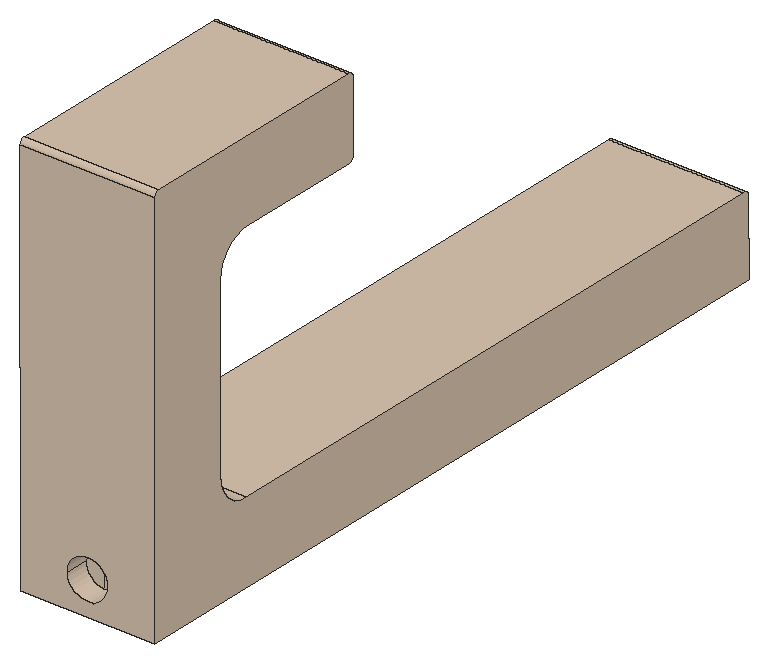
Revit family "Accessory-Robe_Hook-KOHLER-Stages-K-27363T", category Specialty Equipment, host Face, Revit 2021
Family settings
  Host = Face
  Round Connector Dimension = Use Diameter
  Part Type = Normal
  OmniClass Number = 23.31.25.27
  OmniClass Title = Robe Hooks
  Cut with Voids When Loaded = No
  Shared = No
  Room Calculation Point = No
Parameters (values of type "AF-Vibrant French Gold")
  Width = 2 93/256"  # constant formula
  WaterSense Certified = 1 = 0  # no
  URL = "http://www.kohler.com.cn/"
  Type = 1
  Product Page URL = "https://www.kohler.com.cn/product/K-27363T-CP/K-27363T-AF/"
  Product Name = "Stages"  # constant formula
  Product Documentation Link = "https://files.kohler.com.cn/pdfs/1525252490115_1334745-2_A-sms.pdf"
  Model = if(Type = 1, "K-27363T-AF", if(Type = 2, "K-27363T-BL", if(Type = 3, "K-27363T-BN", if(Type = 4, "K-27363T-CP", if(Type = 5, "K-27363T-RGD", "NA")))))  # "K-27363T-AF"
  Material = "Premium Metal Construction"  # constant formula
  Master Format 2014 Name = "Toilet, Bath, and Laundry Accessories"  # constant formula
  Master Format 2014 = "10 28 00"  # constant formula
  Manufacturer Address = "Kohler Beijing Office (100016) 36-2-03-B, No. 88, Liuxiang Road, Beijing"  # constant formula
  Manufacturer = "Kohler Co."  # constant formula
  Length = 101/128"  # constant formula
  Height = 4 85/256"  # constant formula
  Finish = Kohler-Metal-AF-Vibrant_French_Gold
  Environmental Product Declaration = ""
  Description = "Grid hook (wall mount)"  # constant formula
  Default Elevation = 42"
  Declare Label = ""
  Date Modified = "11/28/2022"  # constant formula
  Date Created = "11/28/2022"  # constant formula
  Copyright = "Copyright Kohler Co."  # constant formula
  Contact Us = "http://www.kohler.com.cn/contact/contact-us/"
  Assembly Code = "C1030200"
  ADA Compliant = 1 = 0  # no
Types (6): name | Type | Product Page URL | Model | Finish
  (no name) | 1 | "https://www.kohler.com.cn/product/K-27363T-CP/K-27363T-AF/" | "K-27363T-AF" | Kohler-Metal-AF-Vibrant_French_Gold
  AF-Vibrant French Gold | 1 | "https://www.kohler.com.cn/product/K-27363T-CP/K-27363T-AF/" | "K-27363T-AF" | Kohler-Metal-AF-Vibrant_French_Gold
  BL-Matte Black | 2 | "https://www.kohler.com.cn/product/K-27363T-CP/K-27363T-BL/" | "K-27363T-BL" | Kohler-Metal-BL-Matte_Black
  BN-Vibrant Brushed Nickel | 3 | "https://www.kohler.com.cn/product/K-27363T-CP/K-27363T-BN/" | "K-27363T-BN" | Kohler-Metal-BN-Vibrant_Brushed_Nickel
  CP-Polished Chrome | 4 | "https://www.kohler.com.cn/product/K-27363T-CP/K-27363T-CP/" | "K-27363T-CP" | Kohler-Metal-CP-Polished_Chrome
  RGD-Polished Rose Gold | 5 | "https://www.kohler.com.cn/product/K-27363T-CP/K-27363T-RGD/" | "K-27363T-RGD" | Kohler-Metal-RGD-Polished_Rose_Gold
Reference planes (in)
  plane 1 "Center (Front/Back)": y = 0
  plane 2: z = 0
  plane 3 "Center (Left/Right)": x = 0
  plane 4: y = 4.33203
  plane 5: x = -0.3937
  plane 6: x = 0.39536
  plane 7: z = 2.36328
  plane 8: z = 1.88976
  plane 9: z = 0.47244
  plane 10: y = 1.44357
  plane 11: y = 0.47244
  plane 12: y = 2.16535
Dimensions and locks (in)
  "Length": plane 5 to plane 6
  "Height": plane 4 to plane 1 "Center (Front/Back)"
  "Width": level to plane 7
  plane 7 to level = 2 93/256"
  plane 10 to plane 1 "Center (Front/Back)" = 1.44357"
  plane 9 to plane 8 = 1.41732"
  plane 4 to plane 1 "Center (Front/Back)" = 4 85/256"
  aligned and locked: plane 2 to host face
  aligned and locked: level to host face
  aligned and locked: plane 3 "Center (Left/Right)" to nested 1
  aligned and locked: plane 1 "Center (Front/Back)" to nested 1
Automatic sketch dimensions
  host sketch curve to host sketch curve = 96"  (x2)
Nested families (in)
  nested 1: "K-27363T" at (0, 0, 0), type "K-27363T"
Definition of nested family "K-27363T"
  Parameters (values of type "K-27363T")
    Material = none
    Default Elevation = 0"
  Reference planes (in)
    plane 1 "Center (Front/Back)": y = 0
    plane 2: z = 0
    plane 3 "Center (Left/Right)": x = 0
    plane 4: z = 2.3622
    plane 5: z = 1.17937
    plane 6: x = 0.3937
    plane 7: x = -0.3937
    plane 8: y = 1.44357
    plane 9: y = 4.33071
    plane 10: z = 1.88976
    plane 11: z = 2.48031
    plane 12: y = 4.44882
    plane 13: y = -0.11811
    plane 14: y = 0.59055
    plane 15: y = 1.56168
    plane 16: y = 0.47244
    plane 17: z = 1.77165
    plane 18: z = 0.59055
    plane 19: z = 0.47244
    plane 20: y = 2.16535
  Forms (in)
    Extrusion 1, solid, material <- "Material", detail levels medium+fine
      sketch origin (0, 0, 0) x (0, 1, 0) y (0, 0, 1)
        loop
          line (0, 2.33167) -> (0, 0) -> (4.33071, 0) -> (4.33071, 0.44097)
          arc (4.33071, 0.44097) -> (4.32149, 0.46322) -> (4.29923, 0.47244) r 0.03147
          line (4.29923, 0.47244) -> (0.66929, 0.47244)
          arc (0.66929, 0.47244) -> (0.5301, 0.5301) -> (0.47244, 0.66929) r 0.19685
          line (0.47244, 0.66929) -> (0.47244, 1.69291)
          arc (0.47244, 1.69291) -> (0.5301, 1.83211) -> (0.66929, 1.88976) r 0.19685
          line (0.66929, 1.88976) -> (1.41198, 1.88976)
          arc (1.41198, 1.88976) -> (1.43432, 1.89902) -> (1.44357, 1.92135) r 0.03159
          line (1.44357, 1.92135) -> (1.44357, 2.33107)
          arc (1.44357, 2.33107) -> (1.43445, 2.35308) -> (1.41243, 2.3622) r 0.03114
          line (1.41243, 2.3622) -> (0.03054, 2.3622)
          arc (0.03054, 2.3622) -> (0.00894, 2.35326) -> (0, 2.33167) r 0.03054
      from -0.3937 to 0.3937
    Extrusion 2, void
      sketch origin (0, 0, 0) x (1, 0, 0) y (0, 1, 0)
        loop
          line (-0.21974, 0.51181) -> (0.21713, 0.51181)
          arc (0.21713, 0.51181) -> (0.29584, 0.54442) -> (0.32845, 0.62313) r 0.11132
          line (0.32845, 0.62313) -> (0.32845, 3.74977)
          arc (0.32845, 3.74977) -> (0.31664, 3.77827) -> (0.28814, 3.79008) r 0.04031
          line (0.28814, 3.79008) -> (-0.28804, 3.79008)
          arc (-0.28804, 3.79008) -> (-0.31661, 3.77824) -> (-0.32845, 3.74967) r 0.04041
          line (-0.32845, 3.74967) -> (-0.32845, 0.62052)
          arc (-0.32845, 0.62052) -> (-0.29661, 0.54365) -> (-0.21974, 0.51181) r 0.10871
      from -0.49819 to 0.3937
    Extrusion 3, void
      sketch origin (0, 0, 0) x (1, 0, 0) y (0, 0, 1)
        loop
          circle (0, 0.19685) r 0.11811
      from 0.11305 to -0.23622
    Revolve 4, solid, material <- "Material", detail levels medium+fine
      sketch origin (0, 0, 0) x (0, 1, 0) y (0, 0, 1)
        loop
          line (0.11811, 0.29528) -> (0.11811, 0.19685) -> (0.43307, 0.19685) -> (0.33465, 0.29528) -> (0.11811, 0.29528)
        axis (0.11811, 0.19685) -> (0.43307, 0.19685)
      angle from 0 to 360
    Revolve 5, void
      sketch origin (0, 0, 0) x (0, 1, 0) y (0, 0, 1)
        loop
          line (0.11811, 0.29528) -> (0.11811, 0.19685) -> (0.51181, 0.19685) -> (0.51181, 0.26398) -> (0.25591, 0.26398) -> (0.25591, 0.29528) -> (0.11811, 0.29528)
        axis (0.11811, 0.19685) -> (0.51181, 0.19685)
      angle from 0 to 360
    Extrusion 6, solid, material <- "Material", detail levels coarse
      sketch origin (0, 0, 0) x (0, 1, 0) y (0, 0, 1)
        loop
          line (-0.11811, 0) -> (4.44882, 0) -> (4.44882, 0.51181)
          arc (4.44882, 0.51181) -> (4.42576, 0.56749) -> (4.37008, 0.59055) r 0.07874
          line (4.37008, 0.59055) -> (0.70866, 0.59055)
          arc (0.70866, 0.59055) -> (0.62514, 0.62515) -> (0.59055, 0.70866) r 0.11811
          line (0.59055, 0.70866) -> (0.59055, 1.65354)
          arc (0.59055, 1.65354) -> (0.62514, 1.73706) -> (0.70866, 1.77165) r 0.11811
          line (0.70866, 1.77165) -> (1.48294, 1.77165)
          arc (1.48294, 1.77165) -> (1.53862, 1.79472) -> (1.56168, 1.85039) r 0.07874
          line (1.56168, 1.85039) -> (1.56168, 2.40157)
          arc (1.56168, 2.40157) -> (1.53862, 2.45725) -> (1.48294, 2.48031) r 0.07874
          line (1.48294, 2.48031) -> (-0.03937, 2.48031)
          arc (-0.03937, 2.48031) -> (-0.09505, 2.45725) -> (-0.11811, 2.40157) r 0.07874
          line (-0.11811, 2.40157) -> (-0.11811, 0)
      from -0.3937 to 0.3937
  Cuts and joins
    Extrusion 2, Extrusion 3, Revolve 5 cuts Extrusion 1
  Lines and regions (in)
    Masking region 1
      outline origin (0, 0, 0) x (1, 0, 0) y (0, 0, 1)
        loop
          line (-0.3937, 2.29787) -> (-0.3937, 0) -> (0.3937, 0) -> (0.3937, 2.29794)
          arc (0.3937, 2.29794) -> (0.37488, 2.34338) -> (0.32943, 2.3622) r 0.06427
          line (0.32943, 2.3622) -> (-0.32937, 2.3622)
          arc (-0.32937, 2.3622) -> (-0.37486, 2.34336) -> (-0.3937, 2.29787) r 0.06433
    Masking region 2
      outline origin (0, 0, 0) x (0, 1, 0) y (0, 0, 1)
        loop
          line (4.33071, 0) -> (4.33071, 0.44097)
          arc (4.33071, 0.44097) -> (4.32149, 0.46322) -> (4.29924, 0.47244) r 0.03147
          line (4.29924, 0.47244) -> (0.66929, 0.47244)
          arc (0.66929, 0.47244) -> (0.5301, 0.5301) -> (0.47244, 0.66929) r 0.19685
          line (0.47244, 0.66929) -> (0.47244, 1.69291)
          arc (0.47244, 1.69291) -> (0.5301, 1.83211) -> (0.66929, 1.88976) r 0.19685
          line (0.66929, 1.88976) -> (1.41119, 1.88976)
          arc (1.41119, 1.88976) -> (1.43409, 1.89925) -> (1.44357, 1.92214) r 0.03238
          line (1.44357, 1.92214) -> (1.44357, 2.33072)
          arc (1.44357, 2.33072) -> (1.43435, 2.35298) -> (1.41208, 2.3622) r 0.03149
          line (1.41208, 2.3622) -> (0.03151, 2.3622)
          arc (0.03151, 2.3622) -> (0.00923, 2.35298) -> (0, 2.33069) r 0.03151
          line (0, 2.33069) -> (0, 0) -> (4.33071, 0)
    Masking region 3
      outline origin (0, 0, 0) x (1, 0, 0) y (0, 1, 0)
        loop
          line (-0.3937, 4.33071) -> (-0.3937, 0) -> (0.3937, 0) -> (0.3937, 4.33071) -> (-0.3937, 4.33071)
    symbolic lines, detail levels medium+fine
      curve 1: line (-0.36225, 0, 2.29805) -> (-0.36225, 0, 0)
      curve 2: line (0.36225, 0, 2.29803) -> (0.36225, 0, 0)
      curve 3: line (-0.3937, 0, 1.92126) -> (0.3937, 0, 1.92126)
      curve 4: line (-0.3937, 0, 1.88976) -> (0.3937, 0, 1.88976)
      curve 5: line (-0.3937, 1.41207, 0) -> (0.3937, 1.41207, 0)
      curve 6: line (-0.3937, 1.44357, 0) -> (0.3937, 1.44357, 0)
      curve 7: line (-0.36266, 4.29926, 0) -> (0.3937, 4.29926, 0)
      curve 8: line (-0.36266, 1.44357, 0) -> (-0.36266, 4.29926, 0)
      curve 9: line (-0.36266, 4.29926, 0) -> (-0.3937, 4.29926, 0)
      curve 10: line (-0.36266, 4.29926, 0) -> (-0.36266, 4.33071, 0)
      curve 11: line (0.36266, 1.44357, 0) -> (0.36266, 4.29926, 0)
      curve 12: line (-0.3937, 0.03158, 0) -> (0.3937, 0.03158, 0)
      curve 13: line (-0.33071, 0, 0) -> (-0.33071, 1.44357, 0)
      curve 14: line (0.33071, 0, 0) -> (0.33071, 1.44357, 0)
      curve 15: line (0, 4.29922, 0) -> (0, 4.29922, 0.47244)
      curve 16: line (0, 4.33068, 0.44117) -> (0, 0.66177, 0.44117)
      curve 17: line (0, 0.44111, 1.70087) -> (0, 0.44111, 0.66183)
      curve 18: arc (0, 0.44111, 0.66183) -> (0, 0.50574, 0.5058) -> (0, 0.66177, 0.44117) r 0.22066
      curve 19: line (0, 1.44357, 1.92134) -> (0, 0.66158, 1.92134)
      curve 20: arc (0, 0.66158, 1.92134) -> (0, 0.50568, 1.85677) -> (0, 0.44111, 1.70087) r 0.22047
      curve 21: line (0, 1.41236, 1.8898) -> (0, 1.41236, 2.3622)
      curve 22: line (0, 1.44357, 2.29834) -> (0, 0, 2.29834)
      curve 23: line (0, 0.03181, 2.3622) -> (0, 0.03181, 0)
      curve 24: line (-0.32959, 0, 2.33071) -> (0.32957, 0, 2.33071)
      curve 25: arc (-0.36225, 0, 2.29805) -> (-0.35268, 0, 2.32114) -> (-0.32959, 0, 2.33071) r 0.03266
      curve 26: arc (0.32957, 0, 2.33071) -> (0.35267, 0, 2.32114) -> (0.36225, 0, 2.29803) r 0.03268
      curve 27: line (0.36266, 4.29926, 0) -> (0.36266, 4.33071, 0)
      curve 28: line (-0.3937, 0, 0.43749) -> (0.3937, 0, 0.43749)
      curve 29: line (-0.3937, 0, 0.47244) -> (0.3937, 0, 0.47244)
  Dimensions and locks (in)
    plane 4 to level = 2.3622"
    cut or joined group of Extrusion 1, Extrusion 2, Extrusion 3, Revolve 5 to cut or joined group of Extrusion 1, Extrusion 2, Extrusion 3, Revolve 5 = 0.7874"
    plane 8 to plane 1 "Center (Front/Back)" = 1.44357"
    plane 9 to plane 1 "Center (Front/Back)" = 4.33071"
    plane 13 to plane 12 = 4.56693"
    plane 20 to plane 12 = 2.28346"
    aligned and locked: plane 2 to level
